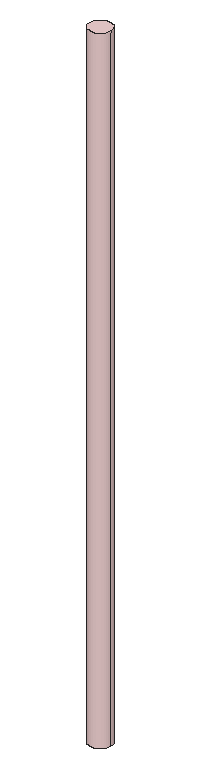
Revit family "Pilar_Met_Circular", category Structural Columns, Revit 2020
Family settings
  Section Shape = Not Defined
  Material for Model Behavior = Other
  Always export as geometry = No
  Beam cutback in plan = From bounding box
  OmniClass Number = 23.25.30.11.14.11
  OmniClass Title = Columns
  Cut with Voids When Loaded = No
  Symbolic Representation = From Family
  Shared = No
  Show family pre-cut in plan views = Yes
Parameters (values of type "PIL_010_FAC_MET_CIR")
  Diameter = 100.00 mm
  Material = CT_Estrutura_Metalica
  Offset Base = 0.00 mm
  Offset Top = 0.00 mm
Reference planes
  plane 1: y = 0
  plane 2: z = 0
  plane 3: x = 0
  plane 4: x = -50
  plane 5: x = 50
  plane 6: y = 50
  plane 7: y = -50
  plane 8: z = 3000
  plane 9: z = 0
Forms (mm)
  Extrusion 1, solid, material "CT_Estrutura_Metalica" <- "Material"
    sketch origin (0, 0, 0) x (1, 0, 0) y (0, 1, 0)
      loop
        arc (-50, 0) -> (0, -50) -> (50, 0) r 50
        arc (50, 0) -> (35.355, 35.355) -> (0, 50) r 50
        arc (0, 50) -> (-35.355, 35.355) -> (-50, 0) r 50
    from 0 to 3000
Dimensions and locks
  equal spacing: plane 4, plane 3, plane 5
  "Diameter": plane 4 to plane 5
  equal spacing: plane 6, plane 1, plane 7
  "Diameter": plane 7 to plane 6
  "Offset Base": plane 9 to level
  "Offset Top": level to plane 8
  aligned and locked: Extrusion 1 to plane 9
  aligned and locked: plane 8 to Extrusion 1
Automatic sketch dimensions
  Extrusion 1 sketch curve to plane 1 = 0.00 mm  (x2)
  Extrusion 1 sketch curve to plane 4 = 0.00 mm  (x2)
  Extrusion 1 sketch curve to plane 3 = 0.00 mm
